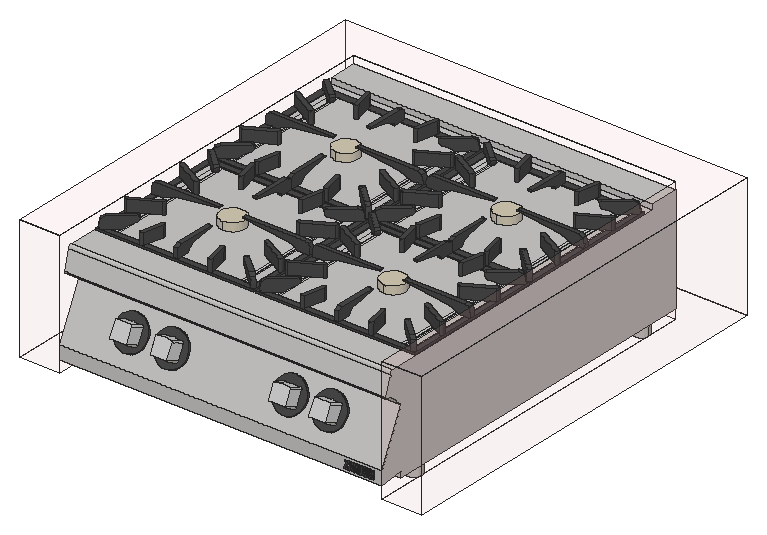
Revit family "QF_ZANUSSI_392028_Z9GCGH4C0M", category Attrezzature speciali, Revit 2020
Family settings
  Quota connettore circolare = Usa diametro
  Tipo di parte = Normale
  Basato su piano di lavoro = No
  Sempre verticale = Sì
  Taglio con vuoti quando caricato = No
  Condiviso = No
  Punto di calcolo locali = No
Parameters (values of type "Standard")
  Weight = 79.00 kg
  Watts = 0 W
  Volts = 0 V
  URL Manufacturer = "http://www.zanussiprofessional.com"
  URL = "http://www.zanussiprofessional.com"
  Steam Supply Size = 0 mm
  Steam Supply Minimum Pressure = 0.0 Pa
  Steam Supply Maximum Pressure = 0.0 Pa
  Steam Consumption per Hour = 0
  Show Logo [instance] = yes
  Show Clearance [instance] = yes
  Refrigeration Suction Line Size = 0 mm
  Refrigeration Liquid Line Size = 0 mm
  Refrigerant Compressor Remote = yes
  Prospetto di default = 0 mm
  Produttore = "Zanussi"
  Phase = 0
  Modello = "Z9GCGH4C0M"
  Length Actual = 800 mm  # constant formula
  Item Number = "392028"
  Hot Water Size = 0 mm
  Height Actual = 250 mm  # constant formula
  HP = "0 HP"
  Gas Size = 12.7 mm
  Gas KW = 40
  Gas Input Pressure = 0.393909 W
  Direct Waste Size = 0 mm
  Descrizione = "4X10KW-BURNER(CAST IRON)GAS BOIL.TOP 800"
  Depth Actual = 900 mm  # constant formula
  Cycle = 0 Hz
  Condensate Return Size = 0 mm
  Compressed Air Volume = 0.0 L/s
  Compressed Air Size = 0 mm
  Compressed Air Pressure = 0.0 Pa
  Cold Water Size = 0 mm
  Accessory = yes
Reference planes
  plane 1 "Back": y = 0
  plane 2: z = 0
  plane 3 "Left": x = 0
  plane 4: x = 800
  plane 5: z = 275
  plane 6: x = 400
  plane 7: y = 100
  plane 8: x = 900
  plane 9: x = -100
  plane 10: y = -82
  plane 11: y = -988.75
  plane 12: y = -915
  plane 13: y = -457.5
Forms (mm)
  Extrusion 1, solid, material "QF_Finishes_Stainless Steel"
    sketch origin (0, 0, 1) x (0, 1, 0) y (0, 0, 1)
      loop
        line (0, 23) -> (0, 289) -> (-69.85, 289) -> (-69.85, 274) -> (-879.358, 274)
        arc (-879.358, 274) -> (-884.643, 271.811) -> (-886.833, 266.526) r 7.474
        line (-886.833, 266.526) -> (-899.884, 221.011)
        arc (-899.884, 221.011) -> (-899.396, 218.379) -> (-897, 217.184) r 3
        line (-897, 217.184) -> (-886.802, 217.184) -> (-854.982, 185.364) -> (-915, 64.508) -> (-915, 29.508) -> (-858.645, 37.428)
        arc (-858.645, 37.428) -> (-856.101, 36.674) -> (-855, 34.259) r 3.2
        line (-855, 34.259) -> (-855, 23) -> (0, 23)
    from 0 to 800
  Extrusion 2, solid, material "QF_Finishes_Clearance", visible <- "Show Clearance"
    sketch origin (0, 0, 0) x (1, 0, 0) y (0, 1, 0)
      loop
        line (0, -915) -> (0, 0) -> (800, 0) -> (800, -915) -> (900, -915) -> (900, 100) -> (-100, 100) -> (-100, -915) -> (0, -915)
    from 0 to 308.575
  Extrusion 3, solid, material "QF_Finishes_Stainless Steel"
    sketch origin (1120.814, -525.308, 19) x (1, 0, 0) y (0, 1, 0)
      loop
        circle (-372.814, -339.442) r 8
    from 0 to 5
  Extrusion 4, solid, material "QF_Finishes_Stainless Steel"
    sketch origin (1120.814, 5, 215.192) x (1, 0, 0) y (0, 0, 1)
      loop
        circle (-372.814, -140.692) r 8
    from 0 to 5
Dimensions and locks
  plane 3 "Left" to plane 4 = 800 mm
  plane 5 to level = 275 mm
  equal spacing: plane 3 "Left", plane 6, plane 4
  plane 1 "Back" to plane 7 = 100 mm
  plane 9 to plane 3 "Left" = 100 mm
  plane 4 to plane 8 = 100 mm
  plane 1 "Back" to Extrusion 1 sketch curve = 915 mm
  plane 1 "Back" to plane 10 to plane 12 to plane 11 = 82 mm, 833 mm, 73.75 mm
  equal spacing: plane 12, plane 13, plane 1 "Back"
  plane 1 "Back" to plane 12 = 915 mm
  aligned and locked: level to plane 2
Automatic sketch dimensions
  Extrusion 2 sketch curve to plane 9 = 0 mm
  Extrusion 2 sketch curve to plane 3 "Left" = 0 mm
  plane 1 "Back" to Extrusion 2 sketch curve = 0 mm
  Extrusion 2 sketch curve to plane 4 = 0 mm
  Extrusion 2 sketch curve to plane 7 = 0 mm
  Extrusion 2 sketch curve to plane 8 = 0 mm
  plane 5 to Extrusion 1 sketch curve = 0 mm
  Extrusion 1 sketch curve to plane 1 "Back" = 0 mm
  Extrusion 1 sketch curve to Extrusion 1 sketch curve = 2.884 mm
  Extrusion 1 sketch curve to Extrusion 1 sketch curve = 0.445 mm
  Extrusion 1 sketch curve to Extrusion 1 sketch curve = 3.2 mm
  plane 1 "Back" to Extrusion 1 sketch curve = 69.85 mm
  Extrusion 1 sketch curve to Extrusion 1 sketch curve = 45.515 mm
  Extrusion 1 sketch curve to Extrusion 1 sketch curve = 0.827 mm
  Extrusion 1 sketch curve to Extrusion 1 sketch curve = 31.82 mm  (x2)
  level to Extrusion 1 sketch curve = 65.508 mm
  level to Extrusion 1 sketch curve = 38.428 mm
  level to Extrusion 1 sketch curve = 30.508 mm
  Extrusion 1 sketch curve to Extrusion 1 sketch curve = 11.259 mm
  Extrusion 1 sketch curve to plane 5 = 15 mm
  Extrusion 1 sketch curve to Extrusion 1 sketch curve = 13.082 mm
  plane 4 to Extrusion 3 sketch curve = 52 mm
  plane 4 to Extrusion 4 sketch curve = 52 mm
  level to Extrusion 4 sketch curve = 74.5 mm
  plane 12 to Extrusion 1 sketch curve = 15.116 mm
  plane 5 to Extrusion 1 sketch curve = 7.474 mm
  plane 12 to Extrusion 1 sketch curve = 28.167 mm
  plane 12 to Extrusion 1 sketch curve = 56.355 mm
  Extrusion 2 sketch curve to plane 12 = 0 mm  (x2)
  plane 11 to Extrusion 3 sketch curve = 124 mm
  radius of Extrusion 3 sketch curve = 8 mm
  radius of Extrusion 4 sketch curve = 8 mm
Nested families
  nested 1: "ZANUSSI_Logo" at (749.92, -915, 98) x (1, 0, 0) z (0, -1, 0), Show Logo <- "Show Logo", visible <- "Show Logo", type "ZANUSSI_Logo"
    with Show Logo yes
  nested 2: "Piedino 24x19 mm" at (19, -82, 0), type "Piedino 24x19 mm"
  nested 3: "Piedino 24x19 mm" at (19, -790, 0), type "Piedino 24x19 mm"
  nested 4: "Piedino 24x19 mm" at (781, -82, 0) x (-1, 0, 0) z (0, 0, 1), type "Piedino 24x19 mm"
  nested 5: "Piedino 24x19 mm" at (781, -790, 0) x (-1, 0, 0) z (0, 0, 1), type "Piedino 24x19 mm"
  nested 6: "CONTROLLER_XP-ZAN" at (596.46, -882.317, 131.321) x (-1, 0, 0) z (0, -0.8956, 0.4448), type "CONTROLLER_XP-ZAN"
  nested 7: "CONTROLLER_XP-ZAN" at (598.54, -882.317, 131.321) x (1, 0, 0) z (0, -0.8956, 0.4448), type "CONTROLLER_XP-ZAN"
  nested 8: "CONTROLLER_XP-ZAN" at (203.54, -882.317, 131.321) x (1, 0, 0) z (0, -0.8956, 0.4448), type "CONTROLLER_XP-ZAN"
  nested 9: "CONTROLLER_XP-ZAN" at (201.46, -882.317, 131.321) x (-1, 0, 0) z (0, -0.8956, 0.4448), type "CONTROLLER_XP-ZAN"
  nested 10: "ZANUSSI_BURNER" at (3.068, -453.131, -575.85), type "ZANUSSI_BURNER"
    with Status "", Specification by User "", Revision Code "", Item Number "", Installed By "", Identify Quantity as Lot yes, Furnished By "", Foodservice Equipment Identifier yes
  nested 11: "ZANUSSI_BURNER" at (3.068, -449.989, -575.85), type "ZANUSSI_BURNER"
    with Status "", Specification by User "", Revision Code "", Item Number "", Installed By "", Identify Quantity as Lot yes, Furnished By "", Foodservice Equipment Identifier yes
  nested 12: "ZANUSSI_BURNER" at (796.932, -453.131, -575.85) x (-1, 0, 0) z (0, 0, 1), type "ZANUSSI_BURNER"
    with Status "", Specification by User "", Revision Code "", Item Number "", Installed By "", Identify Quantity as Lot yes, Furnished By "", Foodservice Equipment Identifier yes
  nested 13: "ZANUSSI_BURNER" at (796.932, -449.989, -575.85) x (-1, 0, 0) z (0, 0, 1), type "ZANUSSI_BURNER"
    with Status "", Specification by User "", Revision Code "", Item Number "", Installed By "", Identify Quantity as Lot yes, Furnished By "", Foodservice Equipment Identifier yes
Connectors
  piping at (748, -864.75, 19), diameter 12.7, driven by "Gas Size"
    settings: on Extrusion 3, index 14, connector inside diameter 609.6 mm, connector length 0 mm, flow factor 0, pipe flow 0.0 L/s, pressure drop 0.0 Pa, fitting loss kfactor 0, connector angle 0.00°, fixture units 0, engagement length 0 mm, angle of deflection 0.00°, flow configuration 0, flow direction 0, fitting loss method 0, system type 29, joint type 0, gender type 0, connector reference index -1, connector utility 0, adjustable connector no, is connector primary yes, connector description "Gas Connection"
  piping at (748, 5, 74.5), diameter 12.7, driven by "Gas Size"
    settings: on Extrusion 4, index 15, connector inside diameter 609.6 mm, connector length 0 mm, flow factor 0, pipe flow 0.0 L/s, pressure drop 0.0 Pa, fitting loss kfactor 0, connector angle 0.00°, fixture units 0, engagement length 0 mm, angle of deflection 0.00°, flow configuration 0, flow direction 0, fitting loss method 0, system type 29, joint type 0, gender type 0, connector reference index -1, connector utility 0, adjustable connector no, is connector primary no, connector description "Gas Connection"
Definition of nested family "ZANUSSI_Logo"
  Parameters (values of type "ZANUSSI_Logo")
    Show Logo [instance] = yes
    Default Elevation = 1219.2 mm
  Reference planes
    plane 1 "Center (Front/Back)": y = -49
    plane 2: z = 0
    plane 3 "Center (Left/Right)": x = -9.92
  Forms (mm)
    Extrusion 1, solid
      sketch origin (0, 0, 0) x (1, 0, 0) y (0, 1, 0)
        loop
          line (-1219.2, 1219.2) -> (-1219.2, -1219.2) -> (1219.2, -1219.2) -> (1219.2, 1219.2) -> (-1219.2, 1219.2)
      from 0 to -304.8
    Extrusion 2, solid, visible <- "Show Logo"
      sketch origin (106.353, -215.165, -50) x (1, 0, 0) y (0, 1, 0)
        loop
          line (-137.419, 156.48) -> (-137.419, 160.444) -> (-143.365, 160.444) -> (-137.419, 172.566) -> (-137.419, 175.851) -> (-147.274, 175.851) -> (-147.274, 172.226) -> (-142.063, 172.339) -> (-147.728, 160.444) -> (-147.728, 156.48) -> (-137.419, 156.48)
        loop
          line (-131.729, 163.73) -> (-129.463, 163.73) -> (-130.596, 172.54) -> (-131.729, 163.73)
        loop
          line (-132.748, 156.48) -> (-132.182, 160.218) -> (-128.897, 160.218) -> (-128.33, 156.48) -> (-124.252, 156.48) -> (-127.877, 175.851) -> (-133.315, 175.851) -> (-136.826, 156.48) -> (-132.748, 156.48)
        loop
          line (-123.75, 175.851) -> (-123.75, 156.48) -> (-120.238, 156.48) -> (-120.238, 169.281) -> (-116.953, 156.48) -> (-112.648, 156.48) -> (-112.648, 175.851) -> (-116.273, 175.851) -> (-116.273, 163.503) -> (-119.558, 175.851) -> (-123.75, 175.851)
        loop
          arc (-111.742, 161.27) -> (-106.896, 156.448) -> (-101.433, 160.558) r 5.22
          line (-101.433, 160.558) -> (-101.433, 175.851) -> (-105.398, 175.851) -> (-105.398, 161.464)
          arc (-105.398, 161.464) -> (-106.44, 160.263) -> (-107.777, 161.124) r 1.214
          line (-107.777, 161.124) -> (-107.777, 175.851) -> (-111.742, 175.851) -> (-111.742, 161.27)
        loop
          line (-94.069, 169.734) -> (-90.331, 169.734) -> (-90.269, 171.495)
          arc (-90.269, 171.495) -> (-90.53, 173.458) -> (-91.761, 175.009) r 3.719
          arc (-91.761, 175.009) -> (-95.38, 176.189) -> (-98.998, 175.009) r 6.139
          arc (-98.998, 175.009) -> (-100.474, 172.145) -> (-100.291, 168.927) r 6.125
          arc (-100.291, 168.927) -> (-99.079, 167.149) -> (-97.591, 165.594) r 13.068
          line (-97.591, 165.594) -> (-95.921, 164.113)
          arc (-95.921, 164.113) -> (-94.934, 163.275) -> (-94.167, 162.233) r 5.571
          arc (-94.167, 162.233) -> (-94.357, 160.41) -> (-96.143, 160.003) r 1.573
          arc (-96.143, 160.003) -> (-96.681, 160.547) -> (-96.911, 161.277) r 1.631
          arc (-96.911, 161.277) -> (-96.929, 161.791) -> (-96.911, 162.305) r 7.441
          arc (-96.911, 162.305) -> (-96.895, 162.791) -> (-96.911, 163.277) r 7.03
          line (-96.911, 163.277) -> (-100.866, 163.277)
          arc (-100.866, 163.277) -> (-100.828, 160.504) -> (-99.735, 157.955) r 7.131
          arc (-99.735, 157.955) -> (-94.571, 156.484) -> (-90.221, 159.633) r 6.148
          arc (-90.221, 159.633) -> (-90.141, 162.884) -> (-91.536, 165.823) r 7.021
          line (-91.536, 165.823) -> (-95.882, 169.734)
          arc (-95.882, 169.734) -> (-96.47, 170.472) -> (-96.785, 171.362) r 2.858
          arc (-96.785, 171.362) -> (-95.666, 172.959) -> (-94.069, 171.84) r 1.379
          line (-94.069, 171.84) -> (-94.069, 169.734)
        loop
          line (-82.771, 169.734) -> (-79.033, 169.734) -> (-78.971, 171.495)
          arc (-78.971, 171.495) -> (-79.232, 173.458) -> (-80.463, 175.009) r 3.719
          arc (-80.463, 175.009) -> (-84.081, 176.189) -> (-87.7, 175.009) r 6.139
          arc (-87.7, 175.009) -> (-89.175, 172.145) -> (-88.993, 168.927) r 6.125
          arc (-88.993, 168.927) -> (-87.781, 167.149) -> (-86.293, 165.594) r 13.068
          line (-86.293, 165.594) -> (-84.623, 164.113)
          arc (-84.623, 164.113) -> (-83.636, 163.275) -> (-82.869, 162.233) r 5.571
          arc (-82.869, 162.233) -> (-83.059, 160.41) -> (-84.845, 160.003) r 1.573
          arc (-84.845, 160.003) -> (-85.383, 160.547) -> (-85.613, 161.277) r 1.631
          arc (-85.613, 161.277) -> (-85.631, 161.791) -> (-85.613, 162.305) r 7.441
          arc (-85.613, 162.305) -> (-85.596, 162.791) -> (-85.613, 163.277) r 7.03
          line (-85.613, 163.277) -> (-89.568, 163.277)
          arc (-89.568, 163.277) -> (-89.53, 160.504) -> (-88.437, 157.955) r 7.131
          arc (-88.437, 157.955) -> (-83.272, 156.484) -> (-78.922, 159.633) r 6.148
          arc (-78.922, 159.633) -> (-78.843, 162.884) -> (-80.238, 165.823) r 7.021
          line (-80.238, 165.823) -> (-84.584, 169.734)
          arc (-84.584, 169.734) -> (-85.171, 170.472) -> (-85.486, 171.362) r 2.858
          arc (-85.486, 171.362) -> (-84.368, 172.959) -> (-82.771, 171.84) r 1.379
          line (-82.771, 171.84) -> (-82.771, 169.734)
        loop
          line (-78.21, 175.851) -> (-78.21, 156.48) -> (-74.245, 156.48) -> (-74.245, 175.851) -> (-78.21, 175.851)
      from 50 to 51.6
  Dimensions and locks
    aligned and locked: plane 2 to Extrusion 1
    aligned and locked: level to Extrusion 1
Definition of nested family "Piedino 24x19 mm"
  Parameters (values of type "Piedino 24x19 mm")
    Default Elevation = 0 mm
    P = 930 mm
    L = 400 mm
    H = 290 mm
  Reference planes
    plane 1: y = 0
    plane 2: z = 0
    plane 3: x = 0
    plane 4: z = 290
    plane 5: z = 24
    plane 6: z = 55
  Forms (mm)
    Extrusion 1, solid
      sketch origin (-373.847, 979.72, 0) x (1, 0, 0) y (0, 1, 0)
        loop
          circle (373.847, -979.72) r 19
      from 0 to 24
  Dimensions and locks
    "H": plane 4 to level
    plane 4 to plane 5 to level = 266 mm, 24 mm
    level to plane 6 = 55 mm
    aligned and locked: level to plane 2
  Automatic sketch dimensions
    plane 3 to Extrusion 1 sketch curve = 0 mm
    plane 1 to Extrusion 1 sketch curve = 0 mm
    radius of Extrusion 1 sketch curve = 19 mm
Definition of nested family "CONTROLLER_XP-ZAN"
  Parameters (values of type "CONTROLLER_XP-ZAN")
    Default Elevation = 0 mm
  Reference planes
    plane 1 "Centro (Fronte/Retro)": y = 0
    plane 2: z = 0
    plane 3 "Centro (Sinistra/Destra)": x = 0
    plane 4: x = -51.067
    plane 5: x = 51.067
    plane 6: x = 93.481
    plane 7: x = -93.481
  Forms (mm)
    Extrusion 1, solid
      sketch origin (0, 0, 0) x (1, 0, 0) y (0, 1, 0)
        loop
          line (-1219.2, 1219.2) -> (-1219.2, -1219.2) -> (1219.2, -1219.2) -> (1219.2, 1219.2) -> (-1219.2, 1219.2)
      from 0 to -304.8
    Extrusion 2, solid
      sketch origin (-46.381, -48.923, 0) x (1, 0, 0) y (0, 1, 0)
        loop
          circle (-4.687, 48.923) r 42.414
      from 0 to 3.175
    Blend 3, solid
      base sketch origin (-46.381, -48.923, 3.175) x (1, 0, 0) y (0, 1, 0)
        loop
          line (-23.687, 25.923) -> (14.313, 25.923)
          arc (14.313, 25.923) -> (17.142, 27.095) -> (18.313, 29.923) r 4
          line (18.313, 29.923) -> (18.313, 66.519)
          arc (18.313, 66.519) -> (17.342, 69.132) -> (14.901, 70.476) r 4
          arc (14.901, 70.476) -> (-4.687, 71.923) -> (-24.275, 70.476) r 133.25
          arc (-24.275, 70.476) -> (-26.716, 69.132) -> (-27.687, 66.519) r 4
          line (-27.687, 66.519) -> (-27.687, 29.923)
          arc (-27.687, 29.923) -> (-26.515, 27.095) -> (-23.687, 25.923) r 4
      top sketch origin (-46.381, -48.923, 3.175) x (1, 0, 0) y (0, 1, 0)
        loop
          line (-25.687, 66.519) -> (-25.687, 29.923)
          arc (-25.687, 29.923) -> (-25.101, 28.509) -> (-23.687, 27.923) r 2
          line (-23.687, 27.923) -> (14.313, 27.923)
          arc (14.313, 27.923) -> (15.727, 28.509) -> (16.313, 29.923) r 2
          line (16.313, 29.923) -> (16.313, 66.519)
          arc (16.313, 66.519) -> (15.828, 67.825) -> (14.607, 68.498) r 2
          arc (14.607, 68.498) -> (-4.687, 69.923) -> (-23.981, 68.498) r 131.25
          arc (-23.981, 68.498) -> (-25.201, 67.825) -> (-25.687, 66.519) r 2
      from 0 to 33
  Lines and regions (mm)
    Split face 1
      outline origin (-46.381, -48.923, 36.175) x (1, 0, 0) y (0, 1, 0)
        loop
          line (-6.687, 69.908) -> (-6.687, 62.923) -> (-2.687, 62.923) -> (-2.687, 69.908)
  Dimensions and locks
    aligned and locked: plane 2 to Extrusion 1
    aligned and locked: level to Extrusion 1
Definition of nested family "ZANUSSI_BURNER"
  Parameters (values of type "ZANUSSI_BURNER")
    Weight in Pounds = 0
    URL Cutsheet = ""
    URL = "www.electrolux.com"
    Type Mark [instance] = ""
    Status [instance] = ""
    Specification by User [instance] = ""
    Specification by Manufacturer = ""
    Show Clearance [instance] = yes
    Serial Number = ""
    Seismic Rating = ""
    SMACNA No = ""
    Revision Code [instance] = ""
    Default Elevation = 0 mm
    Omniclass Number and Title = ""
    NAFEM Spec ID Number = ""
    Model = "392010"
    Masterspec = ""
    Manufacturer = "ELECTROLUX"
    Item Number [instance] = ""
    Installed By [instance] = ""
    Identify Quantity as Lot [instance] = yes
    Furnished By [instance] = ""
    Foodservice Equipment Identifier [instance] = yes
    Description = ""
    CSI MasterFormat = ""
    CSI Master Format = ""
  Reference planes
    plane 1 "BACK": y = 0
    plane 2: z = 0
    plane 3 "LEFT": x = 0
    plane 4 "RIGHT": x = 393.7
    plane 5 "FRONT": y = -355.6
    plane 6 "TOP": z = 908.85
    plane 7 "Center Y": x = 196.85
    plane 8 "Center X": y = -177.8
    plane 9 "Base": z = 150
    plane 10: z = 850.85
  Forms (mm)
    Extrusion 1, solid
      sketch origin (-6.433, -404.961, 5) x (1, 0, 0) y (0, 0, -1)
        loop
          arc (7.142, -850.85) -> (6.739, -862.989) -> (9.761, -874.752) r 42.809
          line (9.761, -874.752) -> (19.961, -879.425) -> (173.122, -879.425)
          arc (173.122, -879.425) -> (174.316, -878.312) -> (173.289, -877.043) r 1.197
          line (173.289, -877.043) -> (64.848, -864.021)
          arc (64.848, -864.021) -> (50.111, -858.738) -> (36.589, -850.85) r 85.245
          line (36.589, -850.85) -> (7.142, -850.85)
        loop
          line (399.424, -850.85) -> (369.977, -850.85)
          arc (369.977, -850.85) -> (356.455, -858.738) -> (341.718, -864.021) r 85.245
          line (341.718, -864.021) -> (233.277, -877.043)
          arc (233.277, -877.043) -> (232.25, -878.312) -> (233.444, -879.425) r 1.197
          line (233.444, -879.425) -> (386.605, -879.425) -> (396.806, -874.752)
          arc (396.806, -874.752) -> (399.827, -862.989) -> (399.424, -850.85) r 42.809
      from 224.564 to 234.564
    Extrusion 2, solid
      sketch origin (196.85, 175.397, 1219.2) x (0, 1, 0) y (0, 0, 1)
        loop
          line (-204.463, -363.35) -> (-175.397, -363.35) -> (-175.397, -339.506)
          arc (-175.397, -339.506) -> (-181.025, -338.266) -> (-185.611, -334.775) r 13.39
          line (-185.611, -334.775) -> (-278.903, -334.775)
          arc (-278.903, -334.775) -> (-280.097, -335.888) -> (-279.07, -337.157) r 1.197
          line (-279.07, -337.157) -> (-227.151, -347.464)
          arc (-227.151, -347.464) -> (-213.741, -352.457) -> (-204.463, -363.35) r 28.426
        loop
          arc (-496.332, -363.35) -> (-487.053, -352.457) -> (-473.644, -347.464) r 28.426
          line (-473.644, -347.464) -> (-421.725, -337.157)
          arc (-421.725, -337.157) -> (-420.697, -335.888) -> (-421.891, -334.775) r 1.197
          line (-421.891, -334.775) -> (-515.184, -334.775)
          arc (-515.184, -334.775) -> (-519.769, -338.266) -> (-525.397, -339.506) r 13.39
          line (-525.397, -339.506) -> (-525.397, -363.35) -> (-496.332, -363.35)
      from -5 to 5
    Extrusion 3, solid
      sketch origin (-6.433, 367.064, 850.85) x (0, -1, 0) y (1, 0, 0)
        loop
          line (722.664, 6.433) -> (722.664, 400.133) -> (367.064, 400.133) -> (367.064, 6.433) -> (722.664, 6.433)
        loop
          line (382.064, 21.433) -> (707.664, 21.433) -> (707.664, 385.133) -> (382.064, 385.133) -> (382.064, 21.433)
      from 0 to 5
    Extrusion 4, solid
      sketch origin (-18.933, 367.064, 855.85) x (0, -1, 0) y (1, 0, 0)
        loop
          circle (541.667, 215.783) r 30
      from -1.321 to 17.134
    Extrusion 5, solid
      sketch origin (-6.433, -367.064, 0) x (1, 0, 0) y (0, 0, -1)
        loop
          line (21.433, -855.85) -> (36.589, -855.85)
          arc (36.589, -855.85) -> (40.561, -855.243) -> (44.305, -853.783) r 18.259
          arc (44.305, -853.783) -> (45.997, -853.366) -> (47.69, -853.783) r 3.649
          arc (47.69, -853.783) -> (49.901, -854.522) -> (52.232, -854.529) r 7.328
          line (52.232, -854.529) -> (354.334, -854.529)
          arc (354.334, -854.529) -> (356.666, -854.522) -> (358.877, -853.783) r 7.328
          arc (358.877, -853.783) -> (360.569, -853.366) -> (362.261, -853.783) r 3.649
          arc (362.261, -853.783) -> (366.005, -855.243) -> (369.977, -855.85) r 18.259
          line (369.977, -855.85) -> (385.133, -855.85) -> (385.133, -850.85) -> (21.433, -850.85) -> (21.433, -855.85)
      from 26.464 to 352.064
    Extrusion 6, solid
      sketch origin (83.284, -458.334, 5) x (0.742103, 0.670286, 0) y (0, 0, -1)
        loop
          arc (88.629, -864.012) -> (73.909, -858.731) -> (60.402, -850.85) r 85.245
          line (60.402, -850.85) -> (14.993, -850.85)
          arc (14.993, -850.85) -> (14.642, -862.948) -> (17.686, -874.663) r 42.876
          line (17.686, -874.663) -> (27.899, -879.425) -> (89.664, -879.425)
          arc (89.664, -879.425) -> (92.39, -878.352) -> (93.654, -875.709) r 4
          arc (93.654, -875.709) -> (92.562, -869.25) -> (88.629, -864.012) r 13.87
        loop
          arc (457.638, -864.012) -> (453.704, -869.25) -> (452.613, -875.709) r 13.87
          arc (452.613, -875.709) -> (453.876, -878.352) -> (456.603, -879.425) r 4
          line (456.603, -879.425) -> (518.367, -879.425) -> (528.581, -874.663)
          arc (528.581, -874.663) -> (531.624, -862.948) -> (531.273, -850.85) r 42.876
          line (531.273, -850.85) -> (485.865, -850.85)
          arc (485.865, -850.85) -> (472.357, -858.731) -> (457.638, -864.012) r 85.245
      from 127.064 to 137.064
    Extrusion 7, solid
      sketch origin (310.416, -458.334, 5) x (-0.742103, 0.670286, 0) y (0, 0, 1)
        loop
          arc (88.629, 864.012) -> (92.562, 869.25) -> (93.654, 875.709) r 13.87
          arc (93.654, 875.709) -> (92.39, 878.352) -> (89.664, 879.425) r 4
          line (89.664, 879.425) -> (27.899, 879.425) -> (17.686, 874.663)
          arc (17.686, 874.663) -> (14.642, 862.948) -> (14.993, 850.85) r 42.876
          line (14.993, 850.85) -> (60.402, 850.85)
          arc (60.402, 850.85) -> (73.909, 858.731) -> (88.629, 864.012) r 85.245
        loop
          arc (457.638, 864.012) -> (472.357, 858.731) -> (485.865, 850.85) r 85.245
          line (485.865, 850.85) -> (531.273, 850.85)
          arc (531.273, 850.85) -> (531.624, 862.948) -> (528.581, 874.663) r 42.876
          line (528.581, 874.663) -> (518.367, 879.425) -> (456.603, 879.425)
          arc (456.603, 879.425) -> (453.876, 878.352) -> (452.613, 875.709) r 4
          arc (452.613, 875.709) -> (453.704, 869.25) -> (457.638, 864.012) r 13.87
      from 127.064 to 137.064
    Extrusion 8, solid
      sketch origin (-6.433, 367.064, 855.85) x (0, -1, 0) y (1, 0, 0)
        loop
          arc (626.166, 9.428) -> (632.956, 7.454) -> (634.93, 14.244) r 5
          line (634.93, 14.244) -> (600.514, 76.878)
          arc (600.514, 76.878) -> (593.724, 78.852) -> (591.75, 72.062) r 5
          line (591.75, 72.062) -> (626.166, 9.428)
        loop
          line (463.562, 9.428) -> (497.977, 72.062)
          arc (497.977, 72.062) -> (496.003, 78.852) -> (489.213, 76.878) r 5
          line (489.213, 76.878) -> (454.798, 14.244)
          arc (454.798, 14.244) -> (456.772, 7.454) -> (463.562, 9.428) r 5
        loop
          line (626.166, 397.138) -> (591.75, 334.504)
          arc (591.75, 334.504) -> (593.724, 327.714) -> (600.514, 329.689) r 5
          line (600.514, 329.689) -> (634.93, 392.323)
          arc (634.93, 392.323) -> (632.956, 399.113) -> (626.166, 397.138) r 5
        loop
          arc (463.562, 397.138) -> (456.772, 399.113) -> (454.798, 392.323) r 5
          line (454.798, 392.323) -> (489.213, 329.689)
          arc (489.213, 329.689) -> (496.003, 327.714) -> (497.977, 334.504) r 5
          line (497.977, 334.504) -> (463.562, 397.138)
        loop
          line (715.14, 293.499) -> (666.703, 282.317)
          arc (666.703, 282.317) -> (662.956, 276.32) -> (668.953, 272.573) r 5
          line (668.953, 272.573) -> (717.389, 283.756)
          arc (717.389, 283.756) -> (721.136, 289.752) -> (715.14, 293.499) r 5
        loop
          arc (715.14, 113.067) -> (721.136, 116.814) -> (717.389, 122.811) r 5
          line (717.389, 122.811) -> (668.953, 133.993)
          arc (668.953, 133.993) -> (662.956, 130.246) -> (666.703, 124.249) r 5
          line (666.703, 124.249) -> (715.14, 113.067)
        loop
          arc (374.588, 293.499) -> (368.591, 289.752) -> (372.338, 283.756) r 5
          line (372.338, 283.756) -> (420.775, 272.573)
          arc (420.775, 272.573) -> (426.771, 276.32) -> (423.024, 282.317) r 5
          line (423.024, 282.317) -> (374.588, 293.499)
        loop
          line (374.588, 113.067) -> (423.024, 124.249)
          arc (423.024, 124.249) -> (426.771, 130.246) -> (420.775, 133.993) r 5
          line (420.775, 133.993) -> (372.338, 122.811)
          arc (372.338, 122.811) -> (368.591, 116.814) -> (374.588, 113.067) r 5
      from 0 to 28.575
  Lines and regions (mm)
    symbolic lines
      curve 1: line (157.475, -170.397, 150) -> (157.475, -15, 150)
      curve 2: line (236.225, -170.397, 150) -> (236.225, -15, 150)
      curve 3: arc (158.678, -180.397, 0) -> (170.734, -200.207, 0) -> (191.85, -209.795, 0) r 39.375
      curve 4: line (163.825, -170.397, 150) -> (163.825, -15, 150)
      curve 5: line (229.875, -170.397, 150) -> (229.875, -15, 150)
      curve 6: line (144.775, -170.397, 150) -> (144.775, -15, 150)
      curve 7: line (248.925, -170.397, 150) -> (248.925, -15, 150)
      curve 8: arc (145.678, -180.397, 0) -> (161.728, -209.187, 0) -> (191.85, -222.573, 0) r 52.075
      curve 9: arc (201.85, -209.795, 0) -> (222.966, -200.207, 0) -> (235.022, -180.397, 0) r 39.375
      curve 10: arc (201.85, -222.573, 0) -> (231.931, -209.224, 0) -> (248.001, -180.504, 0) r 52.075
  Dimensions and locks
    equal spacing: plane 3 "LEFT", plane 7 "Center Y", plane 4 "RIGHT"
    plane 3 "LEFT" to plane 4 "RIGHT" = 393.7 mm
    equal spacing: plane 5 "FRONT", plane 8 "Center X", plane 1 "BACK"
    plane 5 "FRONT" to plane 1 "BACK" = 355.6 mm
    plane 6 "TOP" to level = 908.85 mm
    plane 9 "Base" to level = 150 mm
    plane 6 "TOP" to plane 10 = 58 mm  (x2)
    locked: Extrusion 4 sketch curve to plane 7 "Center Y" at 0
    aligned and locked: level to plane 2
  Automatic sketch dimensions
    plane 1 "BACK" to curve 7 = 15 mm
    plane 7 "Center Y" to curve 7 = 52.075 mm
    curve 7 to curve 2 = 12.7 mm
    curve 2 to curve 5 = 6.35 mm
    curve 4 to curve 1 = 6.35 mm
    plane 8 "Center X" to curve 6 = 7.403 mm
    curve 1 to curve 6 = 12.7 mm
    plane 3 "LEFT" to Extrusion 1 sketch curve = 0.709 mm
    plane 3 "LEFT" to Extrusion 1 sketch curve = 3.327 mm
    Extrusion 1 sketch curve to Extrusion 1 sketch curve = 10.201 mm
    plane 10 to Extrusion 1 sketch curve = 5 mm  (x2)
    Extrusion 1 sketch curve to Extrusion 1 sketch curve = 29.447 mm
    Extrusion 1 sketch curve to Extrusion 1 sketch curve = 12.704 mm  (x2)
    Extrusion 1 sketch curve to Extrusion 1 sketch curve = 15.555 mm  (x2)
    plane 3 "LEFT" to Extrusion 1 sketch curve = 79.689 mm
    Extrusion 1 sketch curve to plane 7 "Center Y" = 30.161 mm
    Extrusion 1 sketch curve to Extrusion 1 sketch curve = 0.167 mm  (x2)
    plane 7 "Center Y" to Extrusion 1 sketch curve = 29.994 mm
    Extrusion 1 sketch curve to plane 4 "RIGHT" = 79.689 mm
    plane 10 to Extrusion 1 sketch curve = 18.171 mm
    Extrusion 1 sketch curve to plane 4 "RIGHT" = 58.415 mm
    Extrusion 1 sketch curve to plane 4 "RIGHT" = 13.528 mm
    Extrusion 1 sketch curve to plane 4 "RIGHT" = 3.327 mm
    Extrusion 1 sketch curve to plane 4 "RIGHT" = 0.709 mm
    Extrusion 1 sketch curve to Extrusion 1 sketch curve = 23.902 mm  (x2)
    Extrusion 1 sketch curve to plane 6 "TOP" = 26.807 mm  (x2)
    Extrusion 1 sketch curve to Extrusion 1 sketch curve = 1.185 mm  (x2)
    Extrusion 1 sketch curve to Extrusion 1 sketch curve = 5.694 mm
    Extrusion 2 sketch curve to plane 1 "BACK" = 0 mm
    plane 1 "BACK" to Extrusion 2 sketch curve = 10.213 mm
    plane 10 to Extrusion 2 sketch curve = 5 mm  (x2)
    plane 1 "BACK" to Extrusion 2 sketch curve = 29.066 mm
    plane 10 to Extrusion 2 sketch curve = 20.886 mm
    Extrusion 2 sketch curve to Extrusion 2 sketch curve = 22.688 mm  (x2)
    Extrusion 2 sketch curve to plane 10 = 7.392 mm  (x2)
    Extrusion 2 sketch curve to plane 6 "TOP" = 24.425 mm
    Extrusion 2 sketch curve to Extrusion 2 sketch curve = 51.752 mm
    Extrusion 2 sketch curve to plane 6 "TOP" = 26.807 mm  (x2)
    Extrusion 2 sketch curve to Extrusion 2 sketch curve = 0.167 mm  (x2)
    Extrusion 2 sketch curve to plane 8 "Center X" = 68.528 mm
    Extrusion 2 sketch curve to plane 5 "FRONT" = 60.248 mm
    Extrusion 2 sketch curve to Extrusion 2 sketch curve = 2.895 mm
    Extrusion 2 sketch curve to plane 5 "FRONT" = 15.813 mm
    Extrusion 2 sketch curve to plane 5 "FRONT" = 5.6 mm
    Extrusion 2 sketch curve to Extrusion 2 sketch curve = 4.731 mm
    Extrusion 2 sketch curve to Extrusion 2 sketch curve = 23.844 mm
    Extrusion 2 sketch curve to Extrusion 2 sketch curve = 1.185 mm
    plane 1 "BACK" to Extrusion 3 sketch curve = 0 mm
    Extrusion 3 sketch curve to plane 3 "LEFT" = 0 mm
    plane 5 "FRONT" to Extrusion 3 sketch curve = 0 mm
    Extrusion 3 sketch curve to plane 4 "RIGHT" = 0 mm
    plane 1 "BACK" to Extrusion 3 sketch curve = 15 mm
    Extrusion 3 sketch curve to plane 5 "FRONT" = 15 mm
    plane 3 "LEFT" to Extrusion 3 sketch curve = 15 mm
    Extrusion 3 sketch curve to plane 4 "RIGHT" = 15 mm
    Extrusion 3 to Extrusion 4 sketch curve = 159.603 mm
    Extrusion 5 sketch curve to plane 10 = 0 mm
    plane 3 "LEFT" to Extrusion 5 sketch curve = 15 mm
    Extrusion 5 sketch curve to Extrusion 5 sketch curve = 14.402 mm
    plane 10 to Extrusion 5 sketch curve = 5 mm
    Extrusion 5 sketch curve to Extrusion 5 sketch curve = 15.156 mm
    plane 10 to Extrusion 5 sketch curve = 2.933 mm  (x3)
    Extrusion 5 sketch curve to Extrusion 5 sketch curve = 7.716 mm  (x2)
    Extrusion 5 sketch curve to Extrusion 5 sketch curve = 0 mm  (x3)
    Extrusion 5 sketch curve to Extrusion 5 sketch curve = 1.692 mm  (x2)
    Extrusion 5 sketch curve to Extrusion 5 sketch curve = 3.385 mm  (x2)
    Extrusion 5 sketch curve to plane 10 = 3.559 mm  (x2)
    plane 10 to Extrusion 5 sketch curve = 3.679 mm
    Extrusion 5 sketch curve to plane 4 "RIGHT" = 45.799 mm
    Extrusion 5 sketch curve to Extrusion 5 sketch curve = 1.143 mm
    Extrusion 5 sketch curve to plane 10 = 13.244 mm
    Extrusion 5 sketch curve to plane 4 "RIGHT" = 15 mm
    plane 10 to Extrusion 6 sketch curve = 5 mm  (x2)
    Extrusion 6 sketch curve to Extrusion 6 sketch curve = 2.692 mm  (x2)
    Extrusion 6 sketch curve to Extrusion 6 sketch curve = 10.213 mm  (x2)
    plane 10 to Extrusion 6 sketch curve = 12.281 mm
    Extrusion 6 sketch curve to Extrusion 6 sketch curve = 29.348 mm  (x2)
    Extrusion 6 sketch curve to Extrusion 6 sketch curve = 3.155 mm  (x2)
    Extrusion 6 sketch curve to Extrusion 6 sketch curve = 22.572 mm
    Extrusion 6 sketch curve to Extrusion 6 sketch curve = 8.81 mm
    Extrusion 6 sketch curve to Extrusion 6 sketch curve = 9.845 mm  (x2)
    Extrusion 6 sketch curve to Extrusion 6 sketch curve = 3.99 mm  (x2)
    Extrusion 6 sketch curve to Extrusion 6 sketch curve = 0 mm  (x2)
    Extrusion 6 sketch curve to Extrusion 6 sketch curve = 49.533 mm
    Extrusion 6 sketch curve to plane 10 = 64.377 mm
    Extrusion 6 sketch curve to Extrusion 6 sketch curve = 326.397 mm
    Extrusion 6 sketch curve to plane 6 "TOP" = 28.141 mm
    Extrusion 6 sketch curve to Extrusion 6 sketch curve = 16.281 mm
    Extrusion 6 sketch curve to Extrusion 6 sketch curve = 1.035 mm
    Extrusion 6 sketch curve to Extrusion 6 sketch curve = 19.417 mm
    Extrusion 6 sketch curve to Extrusion 6 sketch curve = 4.763 mm  (x2)
    Extrusion 6 sketch curve to Extrusion 6 sketch curve = 3.716 mm
    plane 10 to Extrusion 7 sketch curve = 5 mm  (x2)
    Extrusion 7 sketch curve to Extrusion 7 sketch curve = 2.692 mm  (x2)
    Extrusion 7 sketch curve to Extrusion 7 sketch curve = 10.213 mm  (x2)
    plane 10 to Extrusion 7 sketch curve = 12.281 mm
    Extrusion 7 sketch curve to Extrusion 7 sketch curve = 29.348 mm  (x2)
    Extrusion 7 sketch curve to Extrusion 7 sketch curve = 3.155 mm  (x2)
    Extrusion 7 sketch curve to Extrusion 7 sketch curve = 22.572 mm
    Extrusion 7 sketch curve to Extrusion 7 sketch curve = 8.81 mm
    Extrusion 7 sketch curve to Extrusion 7 sketch curve = 9.845 mm  (x2)
    Extrusion 7 sketch curve to Extrusion 7 sketch curve = 3.99 mm  (x2)
    Extrusion 7 sketch curve to Extrusion 7 sketch curve = 0 mm  (x2)
    Extrusion 7 sketch curve to Extrusion 7 sketch curve = 21.306 mm
    Extrusion 7 sketch curve to plane 10 = 64.377 mm  (x2)
    Extrusion 7 sketch curve to Extrusion 7 sketch curve = 326.397 mm
    Extrusion 7 sketch curve to plane 6 "TOP" = 28.141 mm
    Extrusion 7 sketch curve to Extrusion 7 sketch curve = 16.281 mm
    Extrusion 7 sketch curve to Extrusion 7 sketch curve = 1.035 mm
    Extrusion 7 sketch curve to Extrusion 7 sketch curve = 19.417 mm
    Extrusion 7 sketch curve to Extrusion 7 sketch curve = 7.281 mm
    Extrusion 7 sketch curve to Extrusion 7 sketch curve = 10.713 mm
    curve 3 to curve 8 = 0 mm  (x2)
    curve 3 to curve 9 = 0 mm  (x2)
    curve 3 to curve 10 = 0 mm  (x2)
    curve 3 to plane 7 "Center Y" = 0 mm
    curve 8 to plane 8 "Center X" = 2.597 mm
    curve 8 to plane 7 "Center Y" = 51.172 mm
    curve 3 to plane 8 "Center X" = 2.597 mm
    curve 8 to curve 3 = 12.999 mm
    curve 3 to plane 7 "Center Y" = 5 mm
    curve 8 to plane 7 "Center Y" = 5 mm
    plane 7 "Center Y" to curve 10 = 5 mm
    curve 9 to plane 8 "Center X" = 2.597 mm
    plane 7 "Center Y" to curve 9 = 38.172 mm
    curve 10 to plane 8 "Center X" = 2.704 mm
    curve 9 to curve 10 = 12.979 mm
    curve 10 to plane 8 "Center X" = 44.773 mm
    Extrusion 8 sketch curve to Extrusion 3 = 5.275 mm  (x2)
    Extrusion 8 sketch curve to Extrusion 8 sketch curve = 1.125 mm  (x16)
    Extrusion 3 to Extrusion 8 sketch curve = 38.711 mm  (x2)
    Extrusion 8 sketch curve to Extrusion 3 = 7.19 mm  (x3)
    Extrusion 3 to Extrusion 8 sketch curve = 72.734 mm  (x2)
    Extrusion 8 sketch curve to Extrusion 8 sketch curve = 4.382 mm  (x16)
    Extrusion 8 sketch curve to Extrusion 3 = 2.995 mm  (x4)
    Extrusion 8 sketch curve to Extrusion 8 sketch curve = 34.416 mm  (x4)
    Extrusion 3 to Extrusion 8 sketch curve = 50.629 mm  (x3)
    Extrusion 8 sketch curve to Extrusion 8 sketch curve = 93.773 mm  (x2)
    Extrusion 3 to Extrusion 8 sketch curve = 40.96 mm  (x2)
    Extrusion 8 sketch curve to Extrusion 3 = 7.476 mm  (x2)
    Extrusion 8 sketch curve to Extrusion 8 sketch curve = 2.408 mm  (x4)
    Extrusion 3 to Extrusion 8 sketch curve = 91.634 mm  (x2)
    Extrusion 8 sketch curve to Extrusion 8 sketch curve = 4.872 mm  (x8)
    Extrusion 8 sketch curve to Extrusion 8 sketch curve = 11.182 mm  (x4)
    Extrusion 3 to Extrusion 8 sketch curve = 112.56 mm
    Extrusion 8 sketch curve to Extrusion 8 sketch curve = 61.931 mm
    Extrusion 3 to Extrusion 8 sketch curve = 55.445 mm
    Extrusion 8 sketch curve to Extrusion 8 sketch curve = 4.816 mm
    plane 7 "Center Y" to curve 9 = 5 mm
    plane 8 "Center X" to curve 4 = 7.403 mm
    curve 4 to plane 7 "Center Y" = 33.025 mm
    plane 1 "BACK" to curve 1 = 15 mm
    plane 1 "BACK" to curve 5 = 15 mm
    curve 5 to curve 2 = 0 mm  (x2)
    curve 1 to curve 4 = 0 mm  (x2)
    curve 6 to curve 1 = 0 mm
    plane 8 "Center X" to curve 2 = 7.403 mm
    plane 8 "Center X" to curve 7 = 7.403 mm
    radius of Extrusion 4 sketch curve = 30 mm
